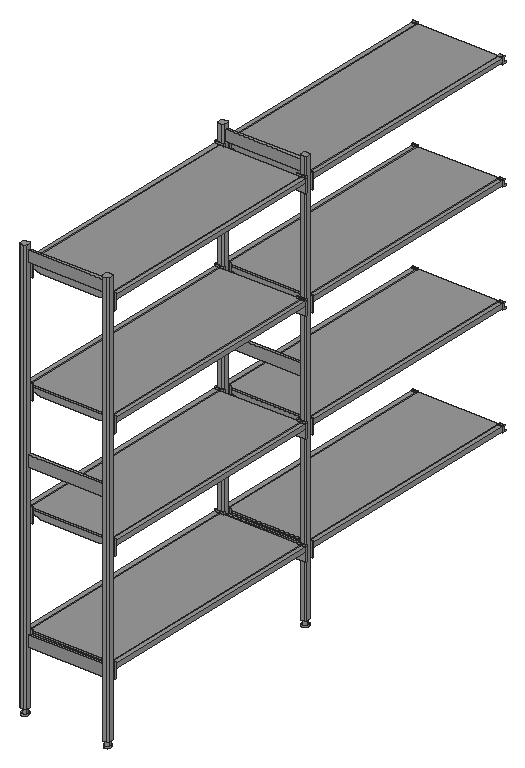
Revit family "QF_ZANUSSI_137064_ACS2016", category Attrezzature speciali, Revit 2020
Family settings
  Quota connettore circolare = Usa diametro
  Tipo di parte = Normale
  Basato su piano di lavoro = No
  Sempre verticale = Sì
  Taglio con vuoti quando caricato = No
  Condiviso = No
  Punto di calcolo locali = No
Parameters (values of type "Standard")
  Weight = 31.00 kg
  Watts = 0 W
  Volts = 0 V
  URL Manufacturer = "http://www.zanussiprofessional.com"
  URL = "http://www.zanussiprofessional.com"
  Steam Supply Size = 0 mm
  Steam Supply Minimum Pressure = 0.0 Pa
  Steam Supply Maximum Pressure = 0.0 Pa
  Steam Consumption per Hour = 0
  Refrigeration Suction Line Size = 0.0 mm
  Refrigeration Liquid Line Size = 0.0 mm
  Refrigerant Compressor Remote = yes
  Prospetto di default = 0.0 mm
  Phase = 0
  Modello = "ACS2016"
  Produttore = "Zanussi"
  Length Actual = 2020.0 mm  # constant formula
  Item Number = "137064"
  Hot Water Size = 0 mm
  Height Actual = 1700.0 mm  # constant formula
  HP = "0 HP"
  Gas Size = 0 mm
  Gas KW = 0
  Gas Input Pressure = 0 W
  Direct Waste Size = 0 mm
  Descrizione = "ALUM.CORNER SHELV.-POLY.TIERS-373X2020MM"
  Depth Actual = 373.0 mm  # constant formula
  Cycle = 0 Hz
  Condensate Return Size = 0 mm
  Compressed Air Volume = 0.0 L/s
  Compressed Air Size = 0 mm
  Compressed Air Pressure = 0.0 Pa
  Cold Water Size = 0 mm
  Accessory = yes
Reference planes
  plane 1: z = 0
  plane 2 "CenterLeft": y = -535.5
  plane 3 "FRONT": y = -921.5
  plane 4 "LEFT": x = 192.5
  plane 5 "RIGHT": x = 565.5
  plane 6 "TOP": z = 1700
  plane 7: y = -889.5
  plane 8: y = 84.5
  plane 9 "Center (Left/Back)": x = 379
  plane 10: x = 205
  plane 11: x = 515
  plane 12 "FEET": z = 25
  plane 13: z = 275
  plane 14: z = 725
  plane 15: z = 1175
  plane 16: z = 1625
  plane 17 "CXLeft": y = -907.5
  plane 18 "Center (Front/Back)": y = 102.5
  plane 19 "CYFront": x = 510
  plane 20: y = 1094.5
  plane 21: y = 120.5
  plane 22 "BACK": y = 1098.5
  plane 23 "LEFT_ORIGIN": x = 158.5
  plane 24 "BACK_ORIGIN": y = 1471.5
Forms (mm)
  Extrusion 1, solid, material "QF_Aluminum"
    sketch origin (38.022, -921.5, -4.006) x (-1, 0, 0) y (0, 0, 1)
      loop
        line (-189.5, 1637.003) -> (-173.5, 1637.003) -> (-173.5, 1655) -> (-175.493, 1655) -> (-175.493, 1648.501) -> (-506.5, 1648.501) -> (-506.5, 1655) -> (-508.5, 1655) -> (-508.5, 1637.003) -> (-492.5, 1637.003) -> (-458.5, 1625) -> (-223.5, 1625) -> (-189.5, 1637.003)
      loop
        line (-189.5, 1187.003) -> (-173.5, 1187.003) -> (-173.5, 1205) -> (-175.493, 1205) -> (-175.493, 1198.501) -> (-506.5, 1198.501) -> (-506.5, 1205) -> (-508.5, 1205) -> (-508.5, 1187.003) -> (-492.5, 1187.003) -> (-458.5, 1175) -> (-223.5, 1175) -> (-189.5, 1187.003)
      loop
        line (-189.5, 737.003) -> (-173.5, 737.003) -> (-173.5, 755) -> (-175.493, 755) -> (-175.493, 748.501) -> (-506.5, 748.501) -> (-506.5, 755) -> (-508.5, 755) -> (-508.5, 737.003) -> (-492.5, 737.003) -> (-458.5, 725) -> (-223.5, 725) -> (-189.5, 737.003)
      loop
        line (-189.5, 287.003) -> (-173.5, 287.003) -> (-173.5, 305) -> (-175.493, 305) -> (-175.493, 298.501) -> (-506.5, 298.501) -> (-506.5, 305) -> (-508.5, 305) -> (-508.5, 287.003) -> (-492.5, 287.003) -> (-458.5, 275) -> (-223.5, 275) -> (-189.5, 287.003)
    from 37 to 32
  Extrusion 2, solid, material "QF_Aluminum"
    sketch origin (38.022, -921.5, 0) x (-1, 0, 0) y (0, 0, 1)
      loop
        line (-154.478, 246.005) -> (-154.478, 307.993) -> (-190.471, 307.993) -> (-190.471, 246.005) -> (-154.478, 246.005)
      loop
        line (-527.478, 246.005) -> (-491.484, 246.005) -> (-491.484, 307.993) -> (-527.478, 307.993) -> (-527.478, 246.005)
      loop
        line (-154.478, 696.005) -> (-154.478, 757.993) -> (-190.471, 757.993) -> (-190.471, 696.005) -> (-154.478, 696.005)
      loop
        line (-527.478, 696.005) -> (-491.484, 696.005) -> (-491.484, 757.993) -> (-527.478, 757.993) -> (-527.478, 696.005)
      loop
        line (-154.478, 1146.005) -> (-154.478, 1207.993) -> (-190.471, 1207.993) -> (-190.471, 1146.005) -> (-154.478, 1146.005)
      loop
        line (-527.478, 1146.005) -> (-491.484, 1146.005) -> (-491.484, 1207.993) -> (-527.478, 1207.993) -> (-527.478, 1146.005)
      loop
        line (-154.478, 1596.005) -> (-154.478, 1657.993) -> (-190.471, 1657.993) -> (-190.471, 1596.005) -> (-154.478, 1596.005)
      loop
        line (-527.478, 1596.005) -> (-491.484, 1596.005) -> (-491.484, 1657.993) -> (-527.478, 1657.993) -> (-527.478, 1596.005)
    from 28 to 32
  Extrusion 3, solid, material "QF_Aluminum"
    sketch origin (38.022, -921.5, 0) x (-1, 0, 0) y (0, 0, 1)
      loop
        line (-154.5, 1650.994) -> (-173.5, 1650.994) -> (-173.5, 1632.998) -> (-154.5, 1632.998) -> (-154.5, 1650.994)
      loop
        line (-154.5, 1200.994) -> (-173.5, 1200.994) -> (-173.5, 1182.998) -> (-154.5, 1182.998) -> (-154.5, 1200.994)
      loop
        line (-154.5, 750.994) -> (-173.5, 750.994) -> (-173.5, 732.998) -> (-154.5, 732.998) -> (-154.5, 750.994)
      loop
        line (-154.5, 300.994) -> (-173.5, 300.994) -> (-173.5, 282.998) -> (-154.5, 282.998) -> (-154.5, 300.994)
      loop
        line (-527.455, 1650.994) -> (-527.455, 1632.998) -> (-508.455, 1632.998) -> (-508.455, 1650.994) -> (-527.455, 1650.994)
      loop
        line (-527.455, 1200.994) -> (-527.455, 1182.998) -> (-508.455, 1182.998) -> (-508.455, 1200.994) -> (-527.455, 1200.994)
      loop
        line (-527.455, 750.994) -> (-527.455, 732.998) -> (-508.455, 732.998) -> (-508.455, 750.994) -> (-527.455, 750.994)
      loop
        line (-527.455, 300.994) -> (-527.455, 282.998) -> (-508.455, 282.998) -> (-508.455, 300.994) -> (-527.455, 300.994)
    from 32 to 1006
  Extrusion 4, solid, material "QF_Polyethylene"
    sketch origin (38.022, -921.5, 0) x (-1, 0, 0) y (0, 0, 1)
      loop
        line (-175.493, 1650.994) -> (-506.5, 1650.994) -> (-506.5, 1644.496) -> (-175.493, 1644.496) -> (-175.493, 1650.994)
      loop
        line (-175.493, 1200.994) -> (-506.5, 1200.994) -> (-506.5, 1194.496) -> (-175.493, 1194.496) -> (-175.493, 1200.994)
      loop
        line (-175.493, 750.994) -> (-506.5, 750.994) -> (-506.5, 744.496) -> (-175.493, 744.496) -> (-175.493, 750.994)
      loop
        line (-175.493, 300.994) -> (-506.5, 300.994) -> (-506.5, 294.496) -> (-175.493, 294.496) -> (-175.493, 300.994)
    from 32 to 1006
  Extrusion 5, solid, material "QF_Aluminum"
    sketch origin (38.022, 684.5, 0) x (-1, 0, 0) y (0, 0, 1)
      loop
        line (-154.5, 1650.994) -> (-173.5, 1650.994) -> (-173.5, 1632.998) -> (-154.5, 1632.998) -> (-154.5, 1650.994)
      loop
        line (-508.5, 1650.994) -> (-527.455, 1650.994) -> (-527.455, 1632.998) -> (-508.5, 1632.998) -> (-508.5, 1650.994)
      loop
        line (-154.5, 1200.994) -> (-173.5, 1200.994) -> (-173.5, 1182.998) -> (-154.5, 1182.998) -> (-154.5, 1200.994)
      loop
        line (-508.5, 1200.994) -> (-527.455, 1200.994) -> (-527.455, 1182.998) -> (-508.5, 1182.998) -> (-508.5, 1200.994)
      loop
        line (-154.5, 750.994) -> (-173.5, 750.994) -> (-173.5, 732.998) -> (-154.5, 732.998) -> (-154.5, 750.994)
      loop
        line (-508.5, 750.994) -> (-527.455, 750.994) -> (-527.455, 732.998) -> (-508.5, 732.998) -> (-508.5, 750.994)
      loop
        line (-154.5, 300.994) -> (-173.5, 300.994) -> (-173.5, 282.998) -> (-154.5, 282.998) -> (-154.5, 300.994)
      loop
        line (-508.5, 300.994) -> (-527.455, 300.994) -> (-527.455, 282.998) -> (-508.5, 282.998) -> (-508.5, 300.994)
    from 410 to -564
  Extrusion 6, solid, material "QF_Polyethylene"
    sketch origin (38.022, 684.5, 0) x (-1, 0, 0) y (0, 0, 1)
      loop
        line (-175.493, 1650.994) -> (-506.5, 1650.994) -> (-506.5, 1644.496) -> (-175.493, 1644.496) -> (-175.493, 1650.994)
      loop
        line (-175.493, 1200.994) -> (-506.5, 1200.994) -> (-506.5, 1194.496) -> (-175.493, 1194.496) -> (-175.493, 1200.994)
      loop
        line (-175.493, 750.994) -> (-506.5, 750.994) -> (-506.5, 744.496) -> (-175.493, 744.496) -> (-175.493, 750.994)
      loop
        line (-175.493, 300.994) -> (-506.5, 300.994) -> (-506.5, 294.496) -> (-175.493, 294.496) -> (-175.493, 300.994)
    from 410 to -564
Lines and regions (mm)
  symbolic lines
    curve 1: line (205, -912.5, 1700) -> (515, -912.5, 1700)
    curve 2: line (515, -902.5, 1700) -> (205, -902.5, 1700)
    curve 3: line (192.5, -893.5, 1700) -> (192.5, 88.5, 1700)
    curve 4: line (565.5, -889.5, 1700) -> (565.5, 84.5, 1700)
    curve 5: line (192.5, 116.5, 1700) -> (192.5, 1098.5, 1700)
    curve 6: line (565.5, 116.5, 1700) -> (565.5, 1098.5, 1700)
    curve 7: line (211.522, 1094.5, 1700) -> (510.507, 1094.5, 1700)
    curve 8: line (211.522, 84.5, 1700) -> (510.507, 84.5, 1700)
    curve 9: line (510.507, 120.5, 1700) -> (211.522, 120.5, 1700)
    curve 10: line (211.522, -889.5, 1700) -> (510.507, -889.5, 1700)
    curve 11: line (211.522, -889.5, 1700) -> (211.522, 84.5, 1700)
    curve 12: line (546.478, 84.5, 1700) -> (546.478, -889.5, 1700)
    curve 13: line (211.522, 120.5, 1700) -> (211.522, 1094.5, 1700)
    curve 14: line (546.522, 652.5, 1700) -> (546.522, -145.5, 1700)
Dimensions and locks
  plane 3 "FRONT" to plane 2 "CenterLeft" = 386.0 mm
  locked: plane 6 "TOP" to level at 1700
  locked: plane 7 to plane 8 at 974
  locked: plane 10 to plane 11 at 310
  plane 10 to plane 9 "Center (Left/Back)" to plane 11 = 174.0 mm, 136.0 mm
  equal spacing: plane 4 "LEFT", plane 9 "Center (Left/Back)", plane 5 "RIGHT"
  plane 12 "FEET" to level = 25.0 mm
  plane 6 "TOP" to plane 12 "FEET" = 1675.0 mm
  plane 13 to plane 12 "FEET" = 250.0 mm
  plane 14 to plane 13 = 450.0 mm
  plane 15 to plane 14 = 450.0 mm
  plane 16 to plane 15 = 450.0 mm
  plane 19 "CYFront" to Extrusion 1 sketch curve = 34.522 mm
  locked: plane 21 to plane 20 at 974
  locked: plane 8 to plane 18 "Center (Front/Back)" at 18
  locked: plane 18 "Center (Front/Back)" to plane 21 at 18
  locked: plane 3 "FRONT" to plane 7 at 32
  locked: plane 4 "LEFT" to plane 5 "RIGHT" at 373
  locked: plane 23 "LEFT_ORIGIN" to plane 5 "RIGHT" at 407
  locked: plane 22 "BACK" to plane 24 "BACK_ORIGIN" at 373
  locked: plane 22 "BACK" to plane 3 "FRONT" at 2020
  aligned and locked: level to plane 1
  aligned and locked: Extrusion 1 to plane 7
  aligned and locked: plane 7 to Extrusion 2
  aligned and locked: Extrusion 4 to plane 7
  aligned and locked: plane 8 to Extrusion 4
  aligned and locked: Extrusion 3 to plane 7
  aligned and locked: plane 8 to Extrusion 3
  aligned and locked: Extrusion 1 sketch curve to Extrusion 1 sketch curve  (x3)
  aligned and locked: Extrusion 4 sketch curve to Extrusion 1  (x4)
  aligned and locked: Extrusion 5 sketch curve to Extrusion 5 sketch curve  (x2)
  aligned and locked: Extrusion 5 to plane 21  (x5)
  aligned and locked: Extrusion 6 to plane 21  (x5)
  aligned and locked: nested 2 to plane 18 "Center (Front/Back)"
  aligned and locked: nested 1 to plane 17 "CXLeft"
  aligned and locked: plane 7 to Extrusion 3  (x3)
  aligned and locked: Extrusion 3 to plane 8  (x4)
  aligned and locked: Extrusion 4 to plane 8  (x4)
  aligned and locked: plane 20 to Extrusion 5
  aligned and locked: plane 20 to Extrusion 6
  aligned and locked: Extrusion 5 to plane 20  (x3)
  aligned and locked: Extrusion 6 to plane 20  (x3)
  aligned and locked: plane 9 "Center (Left/Back)" to nested 2
  aligned and locked: nested 3 to plane 22 "BACK"
Automatic sketch dimensions
  curve 1 to plane 10 = 0.0 mm
  curve 1 to plane 11 = 0.0 mm
  curve 2 to plane 10 = 0.0 mm
  curve 2 to plane 11 = 0.0 mm
  curve 3 to plane 4 "LEFT" = 0.0 mm
  plane 7 to curve 10 = 0.0 mm
  curve 4 to plane 5 "RIGHT" = 0.0 mm
  plane 7 to curve 4 = 0.0 mm
  plane 8 to curve 8 = 0.0 mm
  plane 8 to curve 4 = 0.0 mm
  curve 6 to plane 5 "RIGHT" = 0.0 mm
  curve 5 to plane 4 "LEFT" = 0.0 mm
  curve 9 to plane 21 = 0.0 mm
  plane 20 to curve 7 = 0.0 mm
  plane 7 to curve 3 = 4.0 mm
  plane 17 "CXLeft" to curve 2 = 5.0 mm
  curve 1 to plane 17 "CXLeft" = 5.0 mm
  curve 3 to plane 8 = 4.0 mm
  curve 6 to plane 21 = 4.0 mm
  curve 5 to plane 21 = 4.0 mm
  curve 6 to plane 20 = 4.0 mm
  curve 5 to plane 20 = 4.0 mm
  plane 11 to curve 10 = 4.493 mm
  plane 11 to curve 9 = 4.493 mm
  plane 11 to curve 8 = 4.493 mm
  plane 11 to curve 7 = 4.493 mm
  curve 8 to plane 10 = 6.522 mm
  curve 7 to plane 10 = 6.522 mm
  Extrusion 1 sketch curve to plane 19 "CYFront" = 36.522 mm  (x4)
  Extrusion 1 sketch curve to plane 11 = 15.522 mm  (x4)
  Extrusion 1 sketch curve to plane 13 = 4.006 mm
  Extrusion 1 sketch curve to Extrusion 1 sketch curve = 34.0 mm  (x4)
  Extrusion 1 sketch curve to plane 14 = 4.006 mm
  Extrusion 1 sketch curve to plane 15 = 4.006 mm
  Extrusion 1 sketch curve to plane 16 = 4.006 mm
  Extrusion 1 sketch curve to plane 10 = 56.522 mm  (x4)
  Extrusion 1 sketch curve to plane 10 = 22.522 mm  (x4)
  plane 13 to Extrusion 1 sketch curve = 7.998 mm  (x2)
  Extrusion 1 sketch curve to Extrusion 1 sketch curve = 11.498 mm  (x4)
  Extrusion 1 sketch curve to Extrusion 1 sketch curve = 6.499 mm  (x8)
  plane 14 to Extrusion 1 sketch curve = 7.998 mm  (x2)
  plane 15 to Extrusion 1 sketch curve = 7.998 mm  (x2)
  plane 16 to Extrusion 1 sketch curve = 7.998 mm  (x2)
  Extrusion 2 sketch curve to plane 5 "RIGHT" = 0.0 mm  (x4)
  Extrusion 2 sketch curve to plane 4 "LEFT" = 0.0 mm  (x4)
  Extrusion 2 sketch curve to plane 11 = 14.507 mm  (x4)
  Extrusion 2 sketch curve to plane 10 = 23.493 mm  (x4)
  Extrusion 2 sketch curve to plane 13 = 28.995 mm  (x2)
  plane 13 to Extrusion 2 sketch curve = 32.993 mm  (x2)
  Extrusion 2 sketch curve to plane 14 = 28.995 mm  (x2)
  plane 14 to Extrusion 2 sketch curve = 32.993 mm  (x2)
  Extrusion 2 sketch curve to plane 15 = 28.995 mm  (x2)
  plane 15 to Extrusion 2 sketch curve = 32.993 mm  (x2)
  Extrusion 2 sketch curve to plane 16 = 28.995 mm  (x2)
  plane 16 to Extrusion 2 sketch curve = 32.993 mm  (x2)
  plane 13 to Extrusion 4 sketch curve = 19.496 mm
  Extrusion 4 sketch curve to Extrusion 4 sketch curve = 6.499 mm  (x4)
  plane 14 to Extrusion 4 sketch curve = 19.496 mm
  plane 15 to Extrusion 4 sketch curve = 19.496 mm
  plane 16 to Extrusion 4 sketch curve = 19.496 mm
  plane 5 "RIGHT" to Extrusion 5 sketch curve = 0.022 mm  (x4)
  Extrusion 5 sketch curve to plane 4 "LEFT" = 19.022 mm  (x4)
  Extrusion 5 sketch curve to plane 19 "CYFront" = 36.522 mm  (x2)
  plane 13 to Extrusion 5 sketch curve = 7.998 mm  (x2)
  Extrusion 5 sketch curve to Extrusion 5 sketch curve = 17.997 mm  (x8)
  plane 14 to Extrusion 5 sketch curve = 7.998 mm  (x2)
  plane 15 to Extrusion 5 sketch curve = 7.998 mm  (x2)
  plane 16 to Extrusion 5 sketch curve = 7.998 mm  (x2)
  Extrusion 6 sketch curve to plane 19 "CYFront" = 34.522 mm  (x4)
  plane 13 to Extrusion 6 sketch curve = 19.496 mm
  Extrusion 6 sketch curve to Extrusion 6 sketch curve = 6.499 mm  (x4)
  plane 14 to Extrusion 6 sketch curve = 19.496 mm
  plane 15 to Extrusion 6 sketch curve = 19.496 mm
  plane 16 to Extrusion 6 sketch curve = 19.496 mm
  plane 5 "RIGHT" to Extrusion 3 sketch curve = 0.022 mm  (x4)
  Extrusion 3 sketch curve to Extrusion 3 sketch curve = 19.0 mm  (x4)
  plane 14 to Extrusion 3 sketch curve = 7.998 mm  (x2)
  Extrusion 3 sketch curve to plane 10 = 6.522 mm  (x4)
  Extrusion 3 sketch curve to plane 4 "LEFT" = 0.022 mm  (x4)
  plane 13 to Extrusion 3 sketch curve = 25.994 mm  (x2)
  plane 13 to Extrusion 3 sketch curve = 7.998 mm  (x2)
  Extrusion 3 sketch curve to Extrusion 3 sketch curve = 17.997 mm  (x6)
  plane 15 to Extrusion 3 sketch curve = 7.998 mm  (x2)
  plane 16 to Extrusion 3 sketch curve = 7.998 mm  (x2)
  plane 7 to curve 12 = 0.0 mm
  plane 8 to curve 12 = 0.0 mm
  curve 4 to curve 12 = 19.022 mm
  Extrusion 1 sketch curve to plane 10 = 8.516 mm  (x4)
  Extrusion 1 sketch curve to plane 10 = 6.522 mm  (x2)
  Extrusion 1 sketch curve to Extrusion 1 sketch curve = 1.993 mm  (x2)
  Extrusion 4 sketch curve to plane 10 = 8.516 mm  (x4)
  Extrusion 5 sketch curve to plane 4 "LEFT" = 0.022 mm  (x4)
  Extrusion 6 sketch curve to plane 10 = 8.516 mm  (x4)
Nested families
  nested 1: "WT_Anta373" at (215.5, -504.5, 0) x (0, 1, 0) z (0, 0, 1), type "WT_Anta373"
  nested 2: "WT_Anta373Center" at (215.5, 505.5, 0) x (0, 1, 0) z (0, 0, 1), type "WT_Anta373Center"
  nested 3: "WT_Aggancio373" at (215.5, 1506.5, 0) x (0, 1, 0) z (0, 0, 1), type "WT_Aggancio373"
Definition of nested family "WT_Anta373"
  Parameters
    WidthLeft = A + 64.0 mm  # 772.0 mm
    Width = 1606.0 mm
    Right = WidthLeft / 2  # 386.0 mm
    Default Elevation = 0.0 mm
    Left = -WidthLeft / 2  # -386.0 mm
    Height = 1725.0 mm
    FEET = 25.0 mm
    E = 0.0 mm
    Dint = Depth - 63.0 mm  # 310.0 mm
    Dext = Depth - 8.0 mm  # 365.0 mm
    Depth = 373.0 mm
    DX = (WidthLeft - A) / 2  # 32.0 mm
    B = 798.0 mm
    A = 708.0 mm
  Reference planes
    plane 1: z = 0
    plane 2 "LEFT": x = -417
    plane 3 "BACK": y = 23
    plane 4 "FRONT": y = -350
    plane 5 "TOP": z = 1725
    plane 6 "Center (Front/Back)": y = -163.5
    plane 7: y = -8.5
    plane 8: y = -318.5
    plane 9 "FEET": z = 25
    plane 10: z = 275
    plane 11: z = 725
    plane 12: z = 1175
    plane 13: z = 1625
    plane 14 "CXLeft": x = -403
    plane 15: y = 5.5
    plane 16 "CYBack": y = 5.5
    plane 17 "CYFront": y = -332.5
    plane 18: x = -385.031
    plane 19: x = -380.031
  Forms (mm)
    Extrusion 1, solid
      sketch origin (0, 0, 0) x (1, 0, 0) y (0, 1, 0)
        loop
          line (-417, 13.246) -> (-417, -2.246) -> (-410.746, -8.5) -> (-395.254, -8.5) -> (-389, -2.246) -> (-389, 13.246) -> (-395.254, 19.5) -> (-410.746, 19.5) -> (-417, 13.246)
      from 1725 to 25
    Extrusion 2, solid
      sketch origin (-417, 0, 0) x (0, 1, 0) y (0, 0, 1)
        loop
          line (23, 246.005) -> (23, 307.993) -> (-12.993, 307.993) -> (-12.993, 246.005) -> (23, 246.005)
        loop
          line (-350, 246.005) -> (-314.007, 246.005) -> (-314.007, 307.993) -> (-350, 307.993) -> (-350, 246.005)
        loop
          line (23, 696.005) -> (23, 757.993) -> (-12.993, 757.993) -> (-12.993, 696.005) -> (23, 696.005)
        loop
          line (-350, 696.005) -> (-314.007, 696.005) -> (-314.007, 757.993) -> (-350, 757.993) -> (-350, 696.005)
        loop
          line (23, 1146.005) -> (23, 1207.993) -> (-12.993, 1207.993) -> (-12.993, 1146.005) -> (23, 1146.005)
        loop
          line (-350, 1146.005) -> (-314.007, 1146.005) -> (-314.007, 1207.993) -> (-350, 1207.993) -> (-350, 1146.005)
        loop
          line (23, 1596.005) -> (23, 1657.993) -> (-12.993, 1657.993) -> (-12.993, 1596.005) -> (23, 1596.005)
        loop
          line (-350, 1596.005) -> (-314.007, 1596.005) -> (-314.007, 1657.993) -> (-350, 1657.993) -> (-350, 1596.005)
      from 28 to 32
    Revolve 3, solid
      sketch origin (-403, 0, 0) x (0, 1, 0) y (0, 0, 1)
        loop
          line (5.5, 25) -> (5.5, 0) -> (19, 0) -> (19, 5) -> (14, 5) -> (14, 25) -> (5.5, 25)
        axis (5.5, 25) -> (5.5, 0)
      angle from 0 to 360
    Extrusion 4, solid
      sketch origin (-403, 0, 0) x (0, 1, 0) y (0, 0, 1)
        loop
          line (-8.5, 912.382) -> (-8.5, 957.374) -> (-318.5, 957.374) -> (-318.5, 912.382) -> (-8.5, 912.382)
        loop
          line (-8.5, 1662.244) -> (-8.5, 1707.236) -> (-318.5, 1707.236) -> (-318.5, 1662.244) -> (-8.5, 1662.244)
      from -5 to 5
    Revolve 5, solid
      sketch origin (-403, -627, 0) x (0, -1, 0) y (0, 0, 1)
        loop
          line (-294.5, 25) -> (-294.5, 0) -> (-281, 0) -> (-281, 5) -> (-286, 5) -> (-286, 25) -> (-294.5, 25)
        axis (-294.5, 25) -> (-294.5, 0)
      angle from 0 to 360
    Extrusion 6, solid
      sketch origin (0, -627, 0) x (1, 0, 0) y (0, 1, 0)
        loop
          line (-417, 286.754) -> (-410.746, 280.5) -> (-395.254, 280.5) -> (-389, 286.754) -> (-389, 302.246) -> (-395.254, 308.5) -> (-410.746, 308.5) -> (-417, 302.246) -> (-417, 286.754)
      from 1725 to 25
    Extrusion 7, solid
      sketch origin (-417.031, -0.022, 0) x (0, 1, 0) y (0, 0, -1)
        loop
          line (-12, -1632.998) -> (-46, -1620.994) -> (-281, -1620.994) -> (-315, -1632.998) -> (-331, -1632.998) -> (-331, -1650.994) -> (-329, -1650.994) -> (-329, -1644.496) -> (2.007, -1644.496) -> (2.007, -1650.994) -> (4, -1650.994) -> (4, -1632.998) -> (-12, -1632.998)
        loop
          line (-12, -1182.998) -> (-46, -1170.994) -> (-281, -1170.994) -> (-315, -1182.998) -> (-331, -1182.998) -> (-331, -1200.994) -> (-329, -1200.994) -> (-329, -1194.496) -> (2.007, -1194.496) -> (2.007, -1200.994) -> (4, -1200.994) -> (4, -1182.998) -> (-12, -1182.998)
        loop
          line (-12, -732.998) -> (-46, -720.994) -> (-281, -720.994) -> (-315, -732.998) -> (-331, -732.998) -> (-331, -750.994) -> (-329, -750.994) -> (-329, -744.496) -> (2.007, -744.496) -> (2.007, -750.994) -> (4, -750.994) -> (4, -732.998) -> (-12, -732.998)
        loop
          line (-12, -282.998) -> (-46, -270.994) -> (-281, -270.994) -> (-315, -282.998) -> (-331, -282.998) -> (-331, -300.994) -> (-329, -300.994) -> (-329, -294.496) -> (2.007, -294.496) -> (2.007, -300.994) -> (4, -300.994) -> (4, -282.998) -> (-12, -282.998)
      from -32 to -37
    Extrusion 8, solid
      sketch origin (-403, 0, -659.878) x (0, 1, 0) y (0, 0, 1)
        loop
          line (-8.5, 912.382) -> (-8.5, 957.374) -> (-318.5, 957.374) -> (-318.5, 912.382) -> (-8.5, 912.382)
        loop
          line (-8.5, 1572.382) -> (-8.5, 1617.374) -> (-318.5, 1617.374) -> (-318.5, 1572.382) -> (-8.5, 1572.382)
        loop
          line (-8.5, 2322.382) -> (-8.5, 2367.374) -> (-318.5, 2367.374) -> (-318.5, 2322.382) -> (-8.5, 2322.382)
      from -5 to 5
  Lines and regions (mm)
    symbolic lines
      curve 1: line (-408, -8.5, 1725) -> (-408, -318.5, 1725)
      curve 2: line (-398, -318.5, 1725) -> (-398, -8.5, 1725)
      curve 3: line (-395.254, -8.5, 1725) -> (-410.746, -8.5, 1725)
      curve 4: line (-417, -2.246, 1725) -> (-410.746, -8.5, 1725)
      curve 5: line (-417, 13.246, 1725) -> (-417, -2.246, 1725)
      curve 6: line (-410.746, 19.5, 1725) -> (-417, 13.246, 1725)
      curve 7: line (-395.254, 19.5, 1725) -> (-410.746, 19.5, 1725)
      curve 8: line (-389, 13.246, 1725) -> (-395.254, 19.5, 1725)
      curve 9: line (-395.254, -8.5, 1725) -> (-389, -2.246, 1725)
      curve 10: line (-395.254, -318.5, 1725) -> (-410.746, -318.5, 1725)
      curve 11: line (-417, -324.754, 1725) -> (-410.746, -318.5, 1725)
      curve 12: line (-410.746, -346.5, 1725) -> (-417, -340.246, 1725)
      curve 13: line (-395.254, -346.5, 1725) -> (-410.746, -346.5, 1725)
      curve 14: line (-389, -340.246, 1725) -> (-395.254, -346.5, 1725)
      curve 15: line (-395.254, -318.5, 1725) -> (-389, -324.754, 1725)
      curve 16: line (-389, -350, 1725) -> (-389, -314.007, 1725)
      curve 17: line (-389, -314.007, 1725) -> (-385, -314.007, 1725)
      curve 18: line (-389, 23, 1725) -> (-389, -12.993, 1725)
      curve 19: line (-389, -12.993, 1725) -> (-385, -12.993, 1725)
      curve 20: line (-417, -324.754, 1725) -> (-417, -340.246, 1725)
      curve 21: line (-385, -350, 1725) -> (-385, -314.007, 1725)
      curve 22: line (-385, -350, 1725) -> (-389, -350, 1725)
      curve 23: line (-385, 23, 1725) -> (-389, 23, 1725)
      curve 24: line (-385, -12.993, 1725) -> (-385, 23, 1725)
      curve 25: line (-385.031, -13.016, 1725) -> (-385.031, -314.029, 1725)
  Dimensions and locks
    "Height": plane 5 "TOP" to level
    "Depth": plane 3 "BACK" to plane 4 "FRONT"
    "Dint": plane 7 to plane 8
    equal spacing: plane 7, plane 6 "Center (Front/Back)", plane 8
    equal spacing: plane 3 "BACK", plane 6 "Center (Front/Back)", plane 4 "FRONT"
    plane 9 "FEET" to level = 25.0 mm
    plane 5 "TOP" to plane 9 "FEET" = 1700.0 mm
    plane 10 to plane 9 "FEET" = 250.0 mm
    plane 11 to plane 10 = 450.0 mm
    plane 12 to plane 11 = 450.0 mm
    plane 13 to plane 12 = 450.0 mm
    locked: plane 2 "LEFT" to plane 14 "CXLeft" at 14
    locked: plane 3 "BACK" to plane 16 "CYBack" at 17.5
    locked: plane 17 "CYFront" to plane 4 "FRONT" at 17.5
    locked: Revolve 3 sketch curve to Revolve 3 sketch curve at 8.5
    locked: Revolve 3 sketch curve to plane 16 "CYBack" at 13.5
    locked: Revolve 5 sketch curve to Revolve 5 sketch curve at 8.5
    aligned and locked: level to plane 1
    aligned and locked: curve 20 to Extrusion 6
    aligned and locked: plane 5 "TOP" to Extrusion 1
    aligned and locked: plane 5 "TOP" to Extrusion 6
    aligned and locked: Extrusion 7 sketch curve to Extrusion 7 sketch curve  (x3)
  Automatic sketch dimensions
    curve 16 to plane 4 "FRONT" = 0.0 mm
    curve 11 to plane 8 = 0.0 mm
    curve 9 to plane 7 = 0.0 mm
    curve 5 to plane 2 "LEFT" = 0.0 mm
    curve 23 to plane 3 "BACK" = 0.0 mm
    plane 4 "FRONT" to curve 13 = 3.5 mm
    curve 20 to plane 17 "CYFront" = 7.746 mm
    curve 20 to plane 8 = 6.254 mm
    plane 8 to curve 16 = 4.493 mm
    curve 24 to plane 18 = 0.031 mm
    curve 24 to plane 7 = 4.493 mm
    plane 7 to curve 5 = 6.254 mm
    curve 5 to plane 15 = 7.746 mm
    curve 6 to plane 3 "BACK" = 3.5 mm
    curve 21 to plane 18 = 0.031 mm
    plane 18 to curve 23 = 3.969 mm
    plane 18 to curve 16 = 3.969 mm
    curve 18 to curve 8 = 6.254 mm
    curve 18 to curve 3 = 6.254 mm
    curve 16 to curve 13 = 6.254 mm
    curve 16 to curve 15 = 6.254 mm
    plane 2 "LEFT" to curve 10 = 6.254 mm
    plane 2 "LEFT" to curve 7 = 6.254 mm
    plane 2 "LEFT" to curve 12 = 6.254 mm
    plane 2 "LEFT" to curve 3 = 6.254 mm
    curve 14 to plane 17 "CYFront" = 7.746 mm
    curve 15 to plane 8 = 6.254 mm
    plane 7 to curve 9 = 6.254 mm
    curve 8 to plane 15 = 7.746 mm
    curve 3 to curve 2 = 2.746 mm
    curve 1 to curve 10 = 2.746 mm
    Extrusion 1 sketch curve to plane 2 "LEFT" = 0.0 mm
    Extrusion 1 sketch curve to plane 7 = 0.0 mm
    plane 2 "LEFT" to Extrusion 1 sketch curve = 6.254 mm  (x2)
    plane 14 "CXLeft" to Extrusion 1 sketch curve = 7.746 mm  (x2)
    Extrusion 1 sketch curve to plane 3 "BACK" = 3.5 mm
    plane 18 to Extrusion 1 sketch curve = 3.969 mm
    plane 7 to Extrusion 1 sketch curve = 6.254 mm  (x2)
    Extrusion 1 sketch curve to plane 15 = 7.746 mm  (x2)
    Extrusion 2 sketch curve to plane 4 "FRONT" = 0.0 mm  (x4)
    Extrusion 2 sketch curve to plane 3 "BACK" = 0.0 mm  (x4)
    plane 8 to Extrusion 2 sketch curve = 4.493 mm  (x4)
    Extrusion 2 sketch curve to plane 7 = 4.493 mm  (x4)
    Extrusion 2 sketch curve to plane 10 = 28.995 mm  (x2)
    plane 10 to Extrusion 2 sketch curve = 32.993 mm  (x2)
    Extrusion 2 sketch curve to plane 11 = 28.995 mm  (x2)
    plane 11 to Extrusion 2 sketch curve = 32.993 mm  (x2)
    Extrusion 2 sketch curve to plane 12 = 28.995 mm  (x2)
    plane 12 to Extrusion 2 sketch curve = 32.993 mm  (x2)
    Extrusion 2 sketch curve to plane 13 = 28.995 mm  (x2)
    plane 13 to Extrusion 2 sketch curve = 32.993 mm  (x2)
    Revolve 3 sketch curve to plane 9 "FEET" = 0.0 mm  (x2)
    Revolve 3 sketch curve to plane 15 = 0.0 mm  (x2)
    Revolve 3 sketch curve to level = 0.0 mm
    level to Revolve 3 sketch curve = 5.0 mm
    Revolve 3 sketch curve to Revolve 3 sketch curve = 11.655 mm
    Extrusion 4 sketch curve to plane 8 = 0.0 mm  (x2)
    Extrusion 4 sketch curve to plane 7 = 0.0 mm  (x2)
    plane 11 to Extrusion 4 sketch curve = 187.382 mm
    Extrusion 4 sketch curve to Extrusion 4 sketch curve = 44.992 mm
    plane 13 to Extrusion 4 sketch curve = 37.244 mm
    Extrusion 4 sketch curve to plane 5 "TOP" = 17.764 mm
    Revolve 5 sketch curve to plane 9 "FEET" = 0.0 mm  (x2)
    Revolve 5 sketch curve to plane 17 "CYFront" = 0.0 mm  (x2)
    Revolve 5 sketch curve to level = 0.0 mm
    Revolve 5 sketch curve to plane 4 "FRONT" = 4.0 mm
    Revolve 5 sketch curve to Revolve 5 sketch curve = 5.0 mm
    level to Revolve 5 sketch curve = 11.655 mm
    Extrusion 6 sketch curve to plane 2 "LEFT" = 0.0 mm
    Extrusion 6 sketch curve to plane 8 = 0.0 mm
    Extrusion 6 sketch curve to plane 2 "LEFT" = 6.254 mm  (x2)
    Extrusion 6 sketch curve to plane 14 "CXLeft" = 7.746 mm  (x2)
    Extrusion 6 sketch curve to plane 4 "FRONT" = 3.5 mm
    Extrusion 6 sketch curve to plane 18 = 3.969 mm
    plane 8 to Extrusion 6 sketch curve = 6.254 mm  (x2)
    plane 17 "CYFront" to Extrusion 6 sketch curve = 7.746 mm  (x2)
    plane 17 "CYFront" to Extrusion 7 sketch curve = 1.478 mm  (x4)
    Extrusion 7 sketch curve to Extrusion 7 sketch curve = 2.0 mm
    plane 8 to Extrusion 7 sketch curve = 3.478 mm  (x4)
    Extrusion 7 sketch curve to plane 10 = 4.006 mm
    Extrusion 7 sketch curve to Extrusion 7 sketch curve = 34.0 mm  (x4)
    Extrusion 7 sketch curve to plane 11 = 4.006 mm
    Extrusion 7 sketch curve to plane 12 = 4.006 mm
    Extrusion 7 sketch curve to plane 13 = 4.006 mm
    Extrusion 7 sketch curve to plane 7 = 37.522 mm  (x4)
    Extrusion 7 sketch curve to plane 7 = 3.522 mm  (x4)
    plane 15 to Extrusion 7 sketch curve = 3.516 mm  (x4)
    plane 15 to Extrusion 7 sketch curve = 1.522 mm  (x4)
    plane 13 to Extrusion 7 sketch curve = 7.998 mm  (x2)
    Extrusion 7 sketch curve to Extrusion 7 sketch curve = 11.498 mm
    Extrusion 7 sketch curve to Extrusion 7 sketch curve = 6.499 mm  (x5)
    plane 12 to Extrusion 7 sketch curve = 25.994 mm  (x2)
    plane 12 to Extrusion 7 sketch curve = 7.998 mm  (x2)
    plane 11 to Extrusion 7 sketch curve = 25.994 mm  (x2)
    plane 11 to Extrusion 7 sketch curve = 7.998 mm  (x2)
    plane 10 to Extrusion 7 sketch curve = 25.994 mm  (x2)
    plane 10 to Extrusion 7 sketch curve = 7.998 mm  (x2)
    curve 25 to plane 18 = 0.0 mm
    plane 8 to curve 25 = 4.471 mm
    curve 25 to plane 7 = 4.516 mm
    Extrusion 8 sketch curve to plane 8 = 0.0 mm  (x3)
    Extrusion 8 sketch curve to plane 7 = 0.0 mm  (x3)
    Extrusion 8 sketch curve to plane 10 = 22.496 mm
    plane 10 to Extrusion 8 sketch curve = 22.496 mm
    plane 11 to Extrusion 8 sketch curve = 187.504 mm
    Extrusion 8 sketch curve to Extrusion 8 sketch curve = 44.992 mm
    plane 13 to Extrusion 8 sketch curve = 37.504 mm
    Extrusion 8 sketch curve to plane 5 "TOP" = 17.504 mm
Definition of nested family "WT_Anta373Center"
  Parameters
    WidthLeft = A + 64.0 mm  # 772.0 mm
    Width = 1606.0 mm
    Right = WidthLeft / 2  # 386.0 mm
    Default Elevation = 0.0 mm
    Left = -WidthLeft / 2  # -386.0 mm
    Height = 1725.0 mm
    FEET = 25.0 mm
    E = 0.0 mm
    Dint = Depth - 63.0 mm  # 310.0 mm
    Dext = Depth - 8.0 mm  # 365.0 mm
    Depth = 373.0 mm
    DX = (WidthLeft - A) / 2  # 32.0 mm
    B = 798.0 mm
    A = 708.0 mm
  Reference planes
    plane 1: z = 0
    plane 2 "L": x = -417
    plane 3 "BACK": y = 23
    plane 4 "FRONT": y = -350
    plane 5 "TOP": z = 1725
    plane 6 "Center (Front/Back)": y = -163.5
    plane 7: y = -8.5
    plane 8: y = -318.5
    plane 9 "FEET": z = 25
    plane 10: z = 275
    plane 11: z = 725
    plane 12: z = 1175
    plane 13: z = 1625
    plane 14 "CXLeft": x = -403
    plane 15: y = 5.5
    plane 16 "CYBack": y = 5.5
    plane 17 "CYFront": y = -332.5
    plane 18: x = -385.031
    plane 19 "RIGHT": x = -380.031
    plane 20: x = -420.969
    plane 21 "LEFT": x = -425.969
  Forms (mm)
    Extrusion 1, solid
      sketch origin (0, 0, 0) x (1, 0, 0) y (0, 1, 0)
        loop
          line (-417, 13.246) -> (-417, -2.246) -> (-410.746, -8.5) -> (-395.254, -8.5) -> (-389, -2.246) -> (-389, 13.246) -> (-395.254, 19.5) -> (-410.746, 19.5) -> (-417, 13.246)
      from 1725 to 25
    Extrusion 2, solid
      sketch origin (-417, 0, 0) x (0, 1, 0) y (0, 0, 1)
        loop
          line (23, 246.005) -> (23, 307.993) -> (-12.993, 307.993) -> (-12.993, 246.005) -> (23, 246.005)
        loop
          line (-350, 246.005) -> (-314.007, 246.005) -> (-314.007, 307.993) -> (-350, 307.993) -> (-350, 246.005)
        loop
          line (23, 696.005) -> (23, 757.993) -> (-12.993, 757.993) -> (-12.993, 696.005) -> (23, 696.005)
        loop
          line (-350, 696.005) -> (-314.007, 696.005) -> (-314.007, 757.993) -> (-350, 757.993) -> (-350, 696.005)
        loop
          line (23, 1146.005) -> (23, 1207.993) -> (-12.993, 1207.993) -> (-12.993, 1146.005) -> (23, 1146.005)
        loop
          line (-350, 1146.005) -> (-314.007, 1146.005) -> (-314.007, 1207.993) -> (-350, 1207.993) -> (-350, 1146.005)
        loop
          line (23, 1596.005) -> (23, 1657.993) -> (-12.993, 1657.993) -> (-12.993, 1596.005) -> (23, 1596.005)
        loop
          line (-350, 1596.005) -> (-314.007, 1596.005) -> (-314.007, 1657.993) -> (-350, 1657.993) -> (-350, 1596.005)
      from 28 to 32
    Revolve 3, solid
      sketch origin (-403, 0, 0) x (0, 1, 0) y (0, 0, 1)
        loop
          line (5.5, 25) -> (5.5, 0) -> (19, 0) -> (19, 5) -> (14, 5) -> (14, 25) -> (5.5, 25)
        axis (5.5, 25) -> (5.5, 0)
      angle from 0 to 360
    Extrusion 4, solid
      sketch origin (-403, 0, 0) x (0, 1, 0) y (0, 0, 1)
        loop
          line (-8.5, 912.382) -> (-8.5, 957.374) -> (-318.5, 957.374) -> (-318.5, 912.382) -> (-8.5, 912.382)
        loop
          line (-8.5, 1662.244) -> (-8.5, 1707.236) -> (-318.5, 1707.236) -> (-318.5, 1662.244) -> (-8.5, 1662.244)
      from -5 to 5
    Revolve 5, solid
      sketch origin (-403, -627, 0) x (0, -1, 0) y (0, 0, 1)
        loop
          line (-294.5, 25) -> (-294.5, 0) -> (-281, 0) -> (-281, 5) -> (-286, 5) -> (-286, 25) -> (-294.5, 25)
        axis (-294.5, 25) -> (-294.5, 0)
      angle from 0 to 360
    Extrusion 6, solid
      sketch origin (0, -627, 0) x (1, 0, 0) y (0, 1, 0)
        loop
          line (-417, 286.754) -> (-410.746, 280.5) -> (-395.254, 280.5) -> (-389, 286.754) -> (-389, 302.246) -> (-395.254, 308.5) -> (-410.746, 308.5) -> (-417, 302.246) -> (-417, 286.754)
      from 1725 to 25
    Extrusion 7, solid
      sketch origin (-417.031, -0.022, 0) x (0, 1, 0) y (0, 0, -1)
        loop
          line (-12, -1632.998) -> (-46, -1620.994) -> (-281, -1620.994) -> (-315, -1632.998) -> (-331, -1632.998) -> (-331, -1650.994) -> (-329, -1650.994) -> (-329, -1644.496) -> (2.007, -1644.496) -> (2.007, -1650.994) -> (4, -1650.994) -> (4, -1632.998) -> (-12, -1632.998)
        loop
          line (-12, -1182.998) -> (-46, -1170.994) -> (-281, -1170.994) -> (-315, -1182.998) -> (-331, -1182.998) -> (-331, -1200.994) -> (-329, -1200.994) -> (-329, -1194.496) -> (2.007, -1194.496) -> (2.007, -1200.994) -> (4, -1200.994) -> (4, -1182.998) -> (-12, -1182.998)
        loop
          line (-12, -732.998) -> (-46, -720.994) -> (-281, -720.994) -> (-315, -732.998) -> (-331, -732.998) -> (-331, -750.994) -> (-329, -750.994) -> (-329, -744.496) -> (2.007, -744.496) -> (2.007, -750.994) -> (4, -750.994) -> (4, -732.998) -> (-12, -732.998)
        loop
          line (-12, -282.998) -> (-46, -270.994) -> (-281, -270.994) -> (-315, -282.998) -> (-331, -282.998) -> (-331, -300.994) -> (-329, -300.994) -> (-329, -294.496) -> (2.007, -294.496) -> (2.007, -300.994) -> (4, -300.994) -> (4, -282.998) -> (-12, -282.998)
      from -32 to -37
    Extrusion 8, solid
      sketch origin (-403, 0, -659.878) x (0, 1, 0) y (0, 0, 1)
        loop
          line (-8.5, 912.382) -> (-8.5, 957.374) -> (-318.5, 957.374) -> (-318.5, 912.382) -> (-8.5, 912.382)
        loop
          line (-8.5, 1572.382) -> (-8.5, 1617.374) -> (-318.5, 1617.374) -> (-318.5, 1572.382) -> (-8.5, 1572.382)
        loop
          line (-8.5, 2322.382) -> (-8.5, 2367.374) -> (-318.5, 2367.374) -> (-318.5, 2322.382) -> (-8.5, 2322.382)
      from -5 to 5
    Extrusion 9, solid
      sketch origin (-389, 0, 0) x (0, 1, 0) y (0, 0, -1)
        loop
          line (23, -246.005) -> (-12.993, -246.005) -> (-12.993, -307.993) -> (23, -307.993) -> (23, -246.005)
        loop
          line (-350, -246.005) -> (-350, -307.993) -> (-314.007, -307.993) -> (-314.007, -246.005) -> (-350, -246.005)
        loop
          line (23, -696.005) -> (-12.993, -696.005) -> (-12.993, -757.993) -> (23, -757.993) -> (23, -696.005)
        loop
          line (-350, -696.005) -> (-350, -757.993) -> (-314.007, -757.993) -> (-314.007, -696.005) -> (-350, -696.005)
        loop
          line (23, -1146.005) -> (-12.993, -1146.005) -> (-12.993, -1207.993) -> (23, -1207.993) -> (23, -1146.005)
        loop
          line (-350, -1146.005) -> (-350, -1207.993) -> (-314.007, -1207.993) -> (-314.007, -1146.005) -> (-350, -1146.005)
        loop
          line (23, -1596.005) -> (-12.993, -1596.005) -> (-12.993, -1657.993) -> (23, -1657.993) -> (23, -1596.005)
        loop
          line (-350, -1596.005) -> (-350, -1657.993) -> (-314.007, -1657.993) -> (-314.007, -1596.005) -> (-350, -1596.005)
      from 28 to 32
    Extrusion 10, solid
      sketch origin (-388.969, -0.022, 0) x (0, 1, 0) y (0, 0, 1)
        loop
          line (-12, 1632.998) -> (4, 1632.998) -> (4, 1650.994) -> (2.007, 1650.994) -> (2.007, 1644.496) -> (-329, 1644.496) -> (-329, 1650.994) -> (-331, 1650.994) -> (-331, 1632.998) -> (-315, 1632.998) -> (-281, 1620.994) -> (-46, 1620.994) -> (-12, 1632.998)
        loop
          line (-12, 1182.998) -> (4, 1182.998) -> (4, 1200.994) -> (2.007, 1200.994) -> (2.007, 1194.496) -> (-329, 1194.496) -> (-329, 1200.994) -> (-331, 1200.994) -> (-331, 1182.998) -> (-315, 1182.998) -> (-281, 1170.994) -> (-46, 1170.994) -> (-12, 1182.998)
        loop
          line (-12, 732.998) -> (4, 732.998) -> (4, 750.994) -> (2.007, 750.994) -> (2.007, 744.496) -> (-329, 744.496) -> (-329, 750.994) -> (-331, 750.994) -> (-331, 732.998) -> (-315, 732.998) -> (-281, 720.994) -> (-46, 720.994) -> (-12, 732.998)
        loop
          line (-12, 282.998) -> (4, 282.998) -> (4, 300.994) -> (2.007, 300.994) -> (2.007, 294.496) -> (-329, 294.496) -> (-329, 300.994) -> (-331, 300.994) -> (-331, 282.998) -> (-315, 282.998) -> (-281, 270.994) -> (-46, 270.994) -> (-12, 282.998)
      from -32 to -37
  Lines and regions (mm)
    symbolic lines
      curve 1: line (-408, -8.5, 1725) -> (-408, -318.5, 1725)
      curve 2: line (-398, -318.5, 1725) -> (-398, -8.5, 1725)
      curve 3: line (-395.254, -8.5, 1725) -> (-410.746, -8.5, 1725)
      curve 4: line (-417, -2.246, 1725) -> (-410.746, -8.5, 1725)
      curve 5: line (-410.746, 19.5, 1725) -> (-417, 13.246, 1725)
      curve 6: line (-395.254, 19.5, 1725) -> (-410.746, 19.5, 1725)
      curve 7: line (-389, 13.246, 1725) -> (-395.254, 19.5, 1725)
      curve 8: line (-395.254, -8.5, 1725) -> (-389, -2.246, 1725)
      curve 9: line (-395.254, -318.5, 1725) -> (-410.746, -318.5, 1725)
      curve 10: line (-417, -324.754, 1725) -> (-410.746, -318.5, 1725)
      curve 11: line (-410.746, -346.5, 1725) -> (-417, -340.246, 1725)
      curve 12: line (-395.254, -346.5, 1725) -> (-410.746, -346.5, 1725)
      curve 13: line (-389, -340.246, 1725) -> (-395.254, -346.5, 1725)
      curve 14: line (-395.254, -318.5, 1725) -> (-389, -324.754, 1725)
      curve 15: line (-389, -350, 1725) -> (-389, -314.007, 1725)
      curve 16: line (-389, -314.007, 1725) -> (-385, -314.007, 1725)
      curve 17: line (-389, 23, 1725) -> (-389, -12.993, 1725)
      curve 18: line (-389, -12.993, 1725) -> (-385, -12.993, 1725)
      curve 19: line (-385, -350, 1725) -> (-385, -314.007, 1725)
      curve 20: line (-385, -350, 1725) -> (-389, -350, 1725)
      curve 21: line (-385, 23, 1725) -> (-389, 23, 1725)
      curve 22: line (-385, -12.993, 1725) -> (-385, 23, 1725)
      curve 23: line (-385.031, -13.016, 1725) -> (-385.031, -314.029, 1725)
      curve 24: line (-417, -350, 1725) -> (-417, -314.007, 1725)
      curve 25: line (-417, -314.007, 1725) -> (-421, -314.007, 1725)
      curve 26: line (-417, 23, 1725) -> (-417, -12.993, 1725)
      curve 27: line (-417, -12.993, 1725) -> (-421, -12.993, 1725)
      curve 28: line (-421, -350, 1725) -> (-421, -314.007, 1725)
      curve 29: line (-421, -350, 1725) -> (-417, -350, 1725)
      curve 30: line (-421, 23, 1725) -> (-417, 23, 1725)
      curve 31: line (-421, -12.993, 1725) -> (-421, 23, 1725)
      curve 32: line (-420.969, -13.016, 1725) -> (-420.969, -314.029, 1725)
  Dimensions and locks
    "Height": plane 5 "TOP" to level
    "Depth": plane 3 "BACK" to plane 4 "FRONT"
    "Dint": plane 7 to plane 8
    equal spacing: plane 7, plane 6 "Center (Front/Back)", plane 8
    equal spacing: plane 3 "BACK", plane 6 "Center (Front/Back)", plane 4 "FRONT"
    plane 9 "FEET" to level = 25.0 mm
    plane 5 "TOP" to plane 9 "FEET" = 1700.0 mm
    plane 10 to plane 9 "FEET" = 250.0 mm
    plane 11 to plane 10 = 450.0 mm
    plane 12 to plane 11 = 450.0 mm
    plane 13 to plane 12 = 450.0 mm
    locked: plane 3 "BACK" to plane 16 "CYBack" at 17.5
    locked: plane 17 "CYFront" to plane 4 "FRONT" at 17.5
    locked: Revolve 3 sketch curve to Revolve 3 sketch curve at 8.5
    locked: Revolve 3 sketch curve to plane 16 "CYBack" at 13.5
    locked: Revolve 5 sketch curve to Revolve 5 sketch curve at 8.5
    aligned and locked: level to plane 1
    aligned and locked: plane 5 "TOP" to Extrusion 1
    aligned and locked: plane 5 "TOP" to Extrusion 6
    aligned and locked: Extrusion 7 sketch curve to Extrusion 7 sketch curve  (x3)
    aligned and locked: Extrusion 10 sketch curve to Extrusion 10 sketch curve  (x3)
  Automatic sketch dimensions
    curve 15 to plane 4 "FRONT" = 0.0 mm
    curve 28 to plane 4 "FRONT" = 0.0 mm
    curve 9 to plane 8 = 0.0 mm
    curve 25 to plane 2 "L" = 0.0 mm
    curve 8 to plane 7 = 0.0 mm
    curve 17 to plane 3 "BACK" = 0.0 mm
    curve 30 to plane 3 "BACK" = 0.0 mm
    plane 4 "FRONT" to curve 11 = 3.5 mm
    curve 19 to plane 18 = 0.031 mm
    plane 8 to curve 19 = 4.493 mm
    plane 8 to curve 25 = 4.493 mm
    curve 27 to plane 20 = 0.031 mm
    curve 27 to plane 7 = 4.493 mm
    curve 17 to plane 7 = 4.493 mm
    curve 5 to plane 15 = 7.746 mm
    curve 7 to plane 3 "BACK" = 3.5 mm
    curve 18 to plane 18 = 0.031 mm
    plane 18 to curve 21 = 3.969 mm
    plane 18 to curve 20 = 3.969 mm
    curve 15 to curve 9 = 6.254 mm
    curve 17 to curve 7 = 6.254 mm
    curve 17 to curve 3 = 6.254 mm
    curve 15 to curve 12 = 6.254 mm
    plane 2 "L" to curve 12 = 6.254 mm
    plane 2 "L" to curve 4 = 6.254 mm
    plane 2 "L" to curve 10 = 6.254 mm
    plane 2 "L" to curve 5 = 6.254 mm
    curve 28 to plane 20 = 0.031 mm
    curve 13 to plane 17 "CYFront" = 7.746 mm
    curve 14 to plane 8 = 6.254 mm
    plane 7 to curve 8 = 6.254 mm
    curve 7 to plane 15 = 7.746 mm
    curve 9 to curve 2 = 2.746 mm
    curve 1 to curve 9 = 2.746 mm
    Extrusion 1 sketch curve to plane 2 "L" = 0.0 mm
    Extrusion 1 sketch curve to plane 7 = 0.0 mm
    plane 2 "L" to Extrusion 1 sketch curve = 6.254 mm  (x2)
    plane 14 "CXLeft" to Extrusion 1 sketch curve = 7.746 mm  (x2)
    Extrusion 1 sketch curve to plane 3 "BACK" = 3.5 mm
    plane 18 to Extrusion 1 sketch curve = 3.969 mm
    plane 7 to Extrusion 1 sketch curve = 6.254 mm  (x2)
    Extrusion 1 sketch curve to plane 15 = 7.746 mm  (x2)
    Extrusion 2 sketch curve to plane 4 "FRONT" = 0.0 mm  (x4)
    Extrusion 2 sketch curve to plane 3 "BACK" = 0.0 mm  (x4)
    plane 8 to Extrusion 2 sketch curve = 4.493 mm  (x4)
    Extrusion 2 sketch curve to plane 7 = 4.493 mm  (x4)
    Extrusion 2 sketch curve to plane 10 = 28.995 mm  (x2)
    plane 10 to Extrusion 2 sketch curve = 32.993 mm  (x2)
    Extrusion 2 sketch curve to plane 11 = 28.995 mm  (x2)
    plane 11 to Extrusion 2 sketch curve = 32.993 mm  (x2)
    Extrusion 2 sketch curve to plane 12 = 28.995 mm  (x2)
    plane 12 to Extrusion 2 sketch curve = 32.993 mm  (x2)
    Extrusion 2 sketch curve to plane 13 = 28.995 mm  (x2)
    plane 13 to Extrusion 2 sketch curve = 32.993 mm  (x2)
    Revolve 3 sketch curve to plane 9 "FEET" = 0.0 mm  (x2)
    Revolve 3 sketch curve to plane 15 = 0.0 mm  (x2)
    Revolve 3 sketch curve to level = 0.0 mm
    level to Revolve 3 sketch curve = 5.0 mm
    Revolve 3 sketch curve to Revolve 3 sketch curve = 11.655 mm
    Extrusion 4 sketch curve to plane 8 = 0.0 mm  (x2)
    Extrusion 4 sketch curve to plane 7 = 0.0 mm  (x2)
    plane 11 to Extrusion 4 sketch curve = 187.382 mm
    Extrusion 4 sketch curve to Extrusion 4 sketch curve = 44.992 mm
    plane 13 to Extrusion 4 sketch curve = 37.244 mm
    Extrusion 4 sketch curve to plane 5 "TOP" = 17.764 mm
    Revolve 5 sketch curve to plane 9 "FEET" = 0.0 mm  (x2)
    Revolve 5 sketch curve to plane 17 "CYFront" = 0.0 mm  (x2)
    Revolve 5 sketch curve to level = 0.0 mm
    Revolve 5 sketch curve to plane 4 "FRONT" = 4.0 mm
    Revolve 5 sketch curve to Revolve 5 sketch curve = 5.0 mm
    level to Revolve 5 sketch curve = 11.655 mm
    Extrusion 6 sketch curve to plane 2 "L" = 0.0 mm
    Extrusion 6 sketch curve to plane 8 = 0.0 mm
    Extrusion 6 sketch curve to plane 2 "L" = 6.254 mm  (x2)
    Extrusion 6 sketch curve to plane 14 "CXLeft" = 7.746 mm  (x2)
    Extrusion 6 sketch curve to plane 4 "FRONT" = 3.5 mm
    Extrusion 6 sketch curve to plane 18 = 3.969 mm
    plane 8 to Extrusion 6 sketch curve = 6.254 mm  (x2)
    plane 17 "CYFront" to Extrusion 6 sketch curve = 7.746 mm  (x2)
    plane 17 "CYFront" to Extrusion 7 sketch curve = 1.478 mm  (x4)
    Extrusion 7 sketch curve to Extrusion 7 sketch curve = 2.0 mm
    plane 8 to Extrusion 7 sketch curve = 3.478 mm  (x4)
    Extrusion 7 sketch curve to plane 10 = 4.006 mm
    Extrusion 7 sketch curve to Extrusion 7 sketch curve = 34.0 mm  (x4)
    Extrusion 7 sketch curve to plane 11 = 4.006 mm
    Extrusion 7 sketch curve to plane 12 = 4.006 mm
    Extrusion 7 sketch curve to plane 13 = 4.006 mm
    Extrusion 7 sketch curve to plane 7 = 37.522 mm  (x4)
    Extrusion 7 sketch curve to plane 7 = 3.522 mm  (x4)
    plane 15 to Extrusion 7 sketch curve = 3.516 mm  (x4)
    plane 15 to Extrusion 7 sketch curve = 1.522 mm  (x4)
    plane 13 to Extrusion 7 sketch curve = 7.998 mm  (x2)
    Extrusion 7 sketch curve to Extrusion 7 sketch curve = 11.498 mm
    Extrusion 7 sketch curve to Extrusion 7 sketch curve = 6.499 mm  (x5)
    plane 12 to Extrusion 7 sketch curve = 25.994 mm  (x2)
    plane 12 to Extrusion 7 sketch curve = 7.998 mm  (x2)
    plane 11 to Extrusion 7 sketch curve = 25.994 mm  (x2)
    plane 11 to Extrusion 7 sketch curve = 7.998 mm  (x2)
    plane 10 to Extrusion 7 sketch curve = 25.994 mm  (x2)
    plane 10 to Extrusion 7 sketch curve = 7.998 mm  (x2)
    curve 23 to plane 18 = 0.0 mm
    curve 32 to plane 20 = 0.0 mm
    plane 8 to curve 23 = 4.471 mm
    plane 8 to curve 32 = 4.471 mm
    curve 32 to plane 7 = 4.516 mm
    curve 23 to plane 7 = 4.516 mm
    Extrusion 8 sketch curve to plane 8 = 0.0 mm  (x3)
    Extrusion 8 sketch curve to plane 7 = 0.0 mm  (x3)
    Extrusion 8 sketch curve to plane 10 = 22.496 mm
    plane 10 to Extrusion 8 sketch curve = 22.496 mm
    plane 11 to Extrusion 8 sketch curve = 187.504 mm
    Extrusion 8 sketch curve to Extrusion 8 sketch curve = 44.992 mm
    plane 13 to Extrusion 8 sketch curve = 37.504 mm
    Extrusion 8 sketch curve to plane 5 "TOP" = 17.504 mm
    Extrusion 9 sketch curve to plane 4 "FRONT" = 0.0 mm  (x4)
    Extrusion 9 sketch curve to plane 3 "BACK" = 0.0 mm  (x4)
    plane 8 to Extrusion 9 sketch curve = 4.493 mm  (x4)
    Extrusion 9 sketch curve to plane 7 = 4.493 mm  (x4)
    plane 13 to Extrusion 9 sketch curve = 32.993 mm  (x2)
    Extrusion 9 sketch curve to plane 13 = 28.995 mm  (x2)
    plane 12 to Extrusion 9 sketch curve = 32.993 mm  (x2)
    Extrusion 9 sketch curve to plane 12 = 28.995 mm  (x2)
    plane 11 to Extrusion 9 sketch curve = 32.993 mm  (x2)
    Extrusion 9 sketch curve to plane 11 = 28.995 mm  (x2)
    plane 10 to Extrusion 9 sketch curve = 32.993 mm  (x2)
    Extrusion 9 sketch curve to plane 10 = 28.995 mm  (x2)
    plane 17 "CYFront" to Extrusion 10 sketch curve = 1.478 mm  (x4)
    Extrusion 10 sketch curve to Extrusion 10 sketch curve = 2.0 mm
    plane 8 to Extrusion 10 sketch curve = 3.478 mm  (x4)
    Extrusion 10 sketch curve to plane 10 = 4.006 mm
    Extrusion 10 sketch curve to Extrusion 10 sketch curve = 34.0 mm  (x4)
    Extrusion 10 sketch curve to plane 11 = 4.006 mm
    Extrusion 10 sketch curve to plane 12 = 4.006 mm
    Extrusion 10 sketch curve to plane 13 = 4.006 mm
    Extrusion 10 sketch curve to plane 7 = 37.522 mm  (x4)
    Extrusion 10 sketch curve to plane 7 = 3.522 mm  (x4)
    plane 15 to Extrusion 10 sketch curve = 3.516 mm  (x4)
    plane 15 to Extrusion 10 sketch curve = 1.522 mm  (x4)
    plane 10 to Extrusion 10 sketch curve = 7.998 mm  (x2)
    Extrusion 10 sketch curve to Extrusion 10 sketch curve = 11.498 mm  (x4)
    Extrusion 10 sketch curve to Extrusion 10 sketch curve = 6.499 mm  (x8)
    plane 11 to Extrusion 10 sketch curve = 7.998 mm  (x2)
    plane 12 to Extrusion 10 sketch curve = 7.998 mm  (x2)
    plane 13 to Extrusion 10 sketch curve = 7.998 mm  (x2)
    curve 4 to plane 2 "L" = 0.0 mm
    plane 7 to curve 4 = 6.254 mm
    curve 11 to plane 17 "CYFront" = 7.746 mm
    curve 10 to plane 8 = 6.254 mm
Definition of nested family "WT_Aggancio373"
  Parameters
    WidthLeft = A + 64.0 mm  # 772.0 mm
    Width = 1606.0 mm
    Right = WidthLeft / 2  # 386.0 mm
    Default Elevation = 0.0 mm
    Left = -WidthLeft / 2  # -386.0 mm
    Height = 1725.0 mm
    FEET = 25.0 mm
    E = 0.0 mm
    Dint = Depth - 63.0 mm  # 310.0 mm
    Dext = Depth - 8.0 mm  # 365.0 mm
    Depth = 373.0 mm
    DX = (WidthLeft - A) / 2  # 32.0 mm
    B = 798.0 mm
    A = 708.0 mm
  Reference planes
    plane 1: z = 0
    plane 2 "LEFT": x = -417
    plane 3 "BACK": y = 23
    plane 4 "FRONT": y = -350
    plane 5 "TOP": z = 1725
    plane 6 "Center (Front/Back)": y = -163.5
    plane 7: y = -8.5
    plane 8: y = -318.5
    plane 9 "FEET": z = 25
    plane 10: z = 275
    plane 11: z = 725
    plane 12: z = 1175
    plane 13: z = 1625
    plane 14: y = 5.5
    plane 15 "CYBack": y = 5.5
    plane 16 "CYFront": y = -332.5
  Forms (mm)
    Extrusion 1, solid
      sketch origin (-380, -0.022, 0) x (0, 1, 0) y (0, 0, 1)
        loop
          line (-12, 1632.998) -> (4, 1632.998) -> (4, 1650.994) -> (2.007, 1650.994) -> (2.007, 1644.496) -> (-329, 1644.496) -> (-329, 1650.994) -> (-331, 1650.994) -> (-331, 1632.998) -> (-315, 1632.998) -> (-281, 1620.994) -> (-46, 1620.994) -> (-12, 1632.998)
        loop
          line (-12, 1182.998) -> (4, 1182.998) -> (4, 1200.994) -> (2.007, 1200.994) -> (2.007, 1194.496) -> (-329, 1194.496) -> (-329, 1200.994) -> (-331, 1200.994) -> (-331, 1182.998) -> (-315, 1182.998) -> (-281, 1170.994) -> (-46, 1170.994) -> (-12, 1182.998)
        loop
          line (-12, 732.998) -> (4, 732.998) -> (4, 750.994) -> (2.007, 750.994) -> (2.007, 744.496) -> (-329, 744.496) -> (-329, 750.994) -> (-331, 750.994) -> (-331, 732.998) -> (-315, 732.998) -> (-281, 720.994) -> (-46, 720.994) -> (-12, 732.998)
        loop
          line (-12, 282.998) -> (4, 282.998) -> (4, 300.994) -> (2.007, 300.994) -> (2.007, 294.496) -> (-329, 294.496) -> (-329, 300.994) -> (-331, 300.994) -> (-331, 282.998) -> (-315, 282.998) -> (-281, 270.994) -> (-46, 270.994) -> (-12, 282.998)
      from -32 to -37
    Extrusion 2, solid
      sketch origin (-793.062, -324.754, 6.5) x (1, 0, 0) y (0, 0, 1)
        loop
          line (385.062, 1644.496) -> (385.062, 1647.496) -> (376.062, 1647.496) -> (376.062, 1620.994) -> (390.031, 1620.994) -> (390.031, 1626.496) -> (381.062, 1626.496) -> (381.062, 1644.496) -> (385.062, 1644.496)
        loop
          line (385.062, 1194.496) -> (385.062, 1197.496) -> (376.062, 1197.496) -> (376.062, 1170.994) -> (390.031, 1170.994) -> (390.031, 1176.496) -> (381.062, 1176.496) -> (381.062, 1194.496) -> (385.062, 1194.496)
        loop
          line (385.062, 744.496) -> (385.062, 747.496) -> (376.062, 747.496) -> (376.062, 720.994) -> (390.031, 720.994) -> (390.031, 726.496) -> (381.062, 726.496) -> (381.062, 744.496) -> (385.062, 744.496)
        loop
          line (385.062, 294.496) -> (385.062, 297.496) -> (376.062, 297.496) -> (376.062, 270.994) -> (390.031, 270.994) -> (390.031, 276.496) -> (381.062, 276.496) -> (381.062, 294.496) -> (385.062, 294.496)
      from 6.268 to 25.246
    Extrusion 3, solid
      sketch origin (-793.062, 32.754, 6.5) x (1, 0, 0) y (0, 0, 1)
        loop
          line (385.062, 1644.496) -> (385.062, 1647.496) -> (376.062, 1647.496) -> (376.062, 1620.994) -> (390.031, 1620.994) -> (390.031, 1626.496) -> (381.062, 1626.496) -> (381.062, 1644.496) -> (385.062, 1644.496)
        loop
          line (385.062, 1194.496) -> (385.062, 1197.496) -> (376.062, 1197.496) -> (376.062, 1170.994) -> (390.031, 1170.994) -> (390.031, 1176.496) -> (381.062, 1176.496) -> (381.062, 1194.496) -> (385.062, 1194.496)
        loop
          line (385.062, 744.496) -> (385.062, 747.496) -> (376.062, 747.496) -> (376.062, 720.994) -> (390.031, 720.994) -> (390.031, 726.496) -> (381.062, 726.496) -> (381.062, 744.496) -> (385.062, 744.496)
        loop
          line (385.062, 294.496) -> (385.062, 297.496) -> (376.062, 297.496) -> (376.062, 270.994) -> (390.031, 270.994) -> (390.031, 276.496) -> (381.062, 276.496) -> (381.062, 294.496) -> (385.062, 294.496)
      from 9.754 to 28.776
  Lines and regions (mm)
    symbolic lines
      curve 1: line (-412, -350, 0) -> (-408, -350, 0)
      curve 2: line (-412, -331.022, 0) -> (-412, -350, 0)
      curve 3: line (-408, -331.022, 0) -> (-412, -331.022, 0)
      curve 4: line (-408, -350, 0) -> (-408, -331.022, 0)
      curve 5: line (-412, 3.978, 0) -> (-408, 3.978, 0)
      curve 6: line (-412, 23, 0) -> (-412, 3.978, 0)
      curve 7: line (-408, 23, 0) -> (-412, 23, 0)
      curve 8: line (-408, 3.978, 0) -> (-408, 23, 0)
